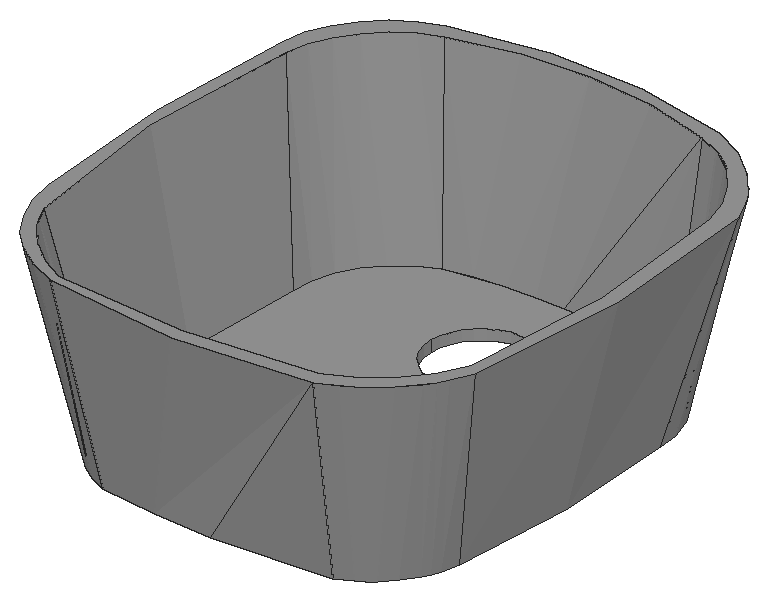
Revit family "Lavaplatos BPO", category Plumbing Fixtures, Revit 2015
Parameters (values of type "Lavaplatos BPO")
  Width = 469 mm
  URL = "www.mk.cl"
  Type Comments = "Fregadero de 1 cubeta de acero inoxidable\r\ncon válvula 3½”"
  Supplier = "Mk"  # constant formula
  Model = "Lavaplatos BPO"
  Manufacturer = "Roca"  # constant formula
  Keynote = "22 41 16.16"
  ID_Source = "BIMTOOL"
  ID_Objeto = "BT_F_F_1815"
  Height = 180 mm
  Description = "Lavaplatos Acero Inoxidable"
  Depth = 407 mm
  Default Elevation = 1219.2 mm
  Copyright © = "Bimtool 2018 ®Todos los derechos reservados."  # constant formula
  BT_Uso = "Lavaplatos"
  BT_SKU = "00 00 00"
  BT_Material = Acero
  BT_Itemizado_Estandar_CDT = "E 04 02 00"
  BT_Color = "Gris"
  Assembly Code = "D2010.60"
Reference planes
  plane 1 "Center (Front/Back)": y = 0
  plane 2: z = 0
  plane 3 "Center (Left/Right)": x = 0
  plane 4: x = -203.5
  plane 5: x = 203.5
  plane 6: y = 234.5
  plane 7: y = -234.5
  plane 8: z = 180
Forms (mm)
  Blend 1, solid, material "Acero"
    base sketch origin (0, 0, 0) x (1, 0, 0) y (0, 1, 0)
      loop
        arc (-164.966, 108.641) -> (-169.617, -1.247) -> (-160.676, -110.87) r 889.846
        arc (-160.676, -110.87) -> (-141.67, -154.365) -> (-103.076, -181.997) r 89.385
        arc (-103.076, -181.997) -> (-51.708, -188.038) -> (0, -189.205) r 547.535
        arc (0, -189.205) -> (51.708, -188.038) -> (103.076, -181.997) r 547.535
        arc (103.076, -181.997) -> (141.67, -154.365) -> (160.676, -110.87) r 89.385
        arc (160.676, -110.87) -> (169.617, -1.247) -> (164.966, 108.641) r 889.846
        arc (164.966, 108.641) -> (147.983, 162.992) -> (103.076, 198.003) r 95.459
        arc (103.076, 198.003) -> (51.818, 205.712) -> (0, 207.021) r 418.209
        arc (0, 207.021) -> (-51.818, 205.712) -> (-103.076, 198.003) r 418.209
        arc (-103.076, 198.003) -> (-147.983, 162.992) -> (-164.966, 108.641) r 95.459
    top sketch origin (0, 0, 0) x (1, 0, 0) y (0, 1, 0)
      loop
        arc (-128.5, 234.5) -> (-179.635, 201.464) -> (-203.5, 145.459) r 103.947
        arc (-203.5, 145.459) -> (-210.439, 14.206) -> (-203.5, -117.046) r 1244.863
        arc (-203.5, -117.046) -> (-176.368, -182.465) -> (-118.02, -222.605) r 124.872
        arc (-118.02, -222.605) -> (0, -234.763) -> (118.02, -222.605) r 578.923
        arc (118.02, -222.605) -> (167.059, -190.327) -> (199.337, -141.288) r 145.403
        arc (199.337, -141.288) -> (212.847, 3.085) -> (203.5, 147.786) r 919.818
        arc (203.5, 147.786) -> (169.217, 200.217) -> (116.786, 234.5) r 152.902
        arc (116.786, 234.5) -> (-5.857, 251.559) -> (-128.5, 234.5) r 449.403
    from 0 to 180
  Blend 2, void
    base sketch origin (0, 0, 0) x (1, 0, 0) y (0, 1, 0)
      loop
        arc (0, 207.021) -> (-51.818, 205.712) -> (-103.076, 198.003) r 418.209
        arc (-103.076, 198.003) -> (-147.983, 162.992) -> (-164.966, 108.641) r 95.459
        arc (-164.966, 108.641) -> (-169.617, -1.247) -> (-160.676, -110.87) r 889.846
        arc (-160.676, -110.87) -> (-141.67, -154.365) -> (-103.076, -181.997) r 89.385
        arc (-103.076, -181.997) -> (-51.708, -188.038) -> (0, -189.205) r 547.535
        arc (0, -189.205) -> (51.708, -188.038) -> (103.076, -181.997) r 547.535
        arc (103.076, -181.997) -> (141.67, -154.365) -> (160.676, -110.87) r 89.385
        arc (160.676, -110.87) -> (169.617, -1.247) -> (164.966, 108.641) r 889.846
        arc (164.966, 108.641) -> (147.983, 162.992) -> (103.076, 198.003) r 95.459
        arc (103.076, 198.003) -> (51.818, 205.712) -> (0, 207.021) r 418.209
    top sketch origin (0, 0, 0) x (1, 0, 0) y (0, 1, 0)
      loop
        arc (-192.17, 134.633) -> (-201.193, -5.632) -> (-185.259, -145.281) r 791.354
        arc (-185.259, -145.281) -> (-157.076, -187.05) -> (-115.307, -215.233) r 132.146
        arc (-115.307, -215.233) -> (-0.817, -221.389) -> (113.231, -209.591) r 731.999
        arc (113.231, -209.591) -> (159.275, -179.492) -> (189.373, -133.448) r 134.186
        arc (189.373, -133.448) -> (200.142, -0.007) -> (189.373, 133.435) r 832.119
        arc (189.373, 133.435) -> (162.335, 187.74) -> (111.863, 221.393) r 117.817
        arc (111.863, 221.393) -> (-3.754, 240.508) -> (-119.37, 221.393) r 359.21
        arc (-119.37, 221.393) -> (-167.892, 188.185) -> (-192.17, 134.633) r 109.239
    from 9.74 to 180
  Extrusion 3, void
    sketch origin (0, 0, 0) x (1, 0, 0) y (0, 1, 0)
      loop
        circle (0, 113.379) r 45
    from -27.828 to 76.998
Cuts and joins
  Blend 2, Extrusion 3 cuts Blend 1
Dimensions and locks
  "Width": plane 6 to plane 7
  "Depth": plane 4 to plane 5
  "Height": plane 8 to level
  aligned and locked: level to plane 2
Automatic sketch dimensions
  Blend 1 sketch curve to plane 3 "Center (Left/Right)" = 0 mm  (x3)
  Blend 1 sketch curve to plane 3 "Center (Left/Right)" = 13.514 mm
  Blend 1 sketch curve to plane 3 "Center (Left/Right)" = 15.369 mm
  Blend 1 sketch curve to plane 3 "Center (Left/Right)" = 69.506 mm
  Blend 1 sketch curve to plane 3 "Center (Left/Right)" = 72.206 mm
  Blend 1 sketch curve to plane 1 "Center (Front/Back)" = 16.141 mm  (x2)
  plane 4 to Blend 1 sketch curve = 516.559 mm
  plane 3 "Center (Left/Right)" to Blend 1 sketch curve = 13.514 mm
  plane 3 "Center (Left/Right)" to Blend 1 sketch curve = 15.369 mm
  plane 3 "Center (Left/Right)" to Blend 1 sketch curve = 69.506 mm
  plane 3 "Center (Left/Right)" to Blend 1 sketch curve = 72.206 mm
  plane 5 to Blend 1 sketch curve = 516.559 mm
  plane 1 "Center (Front/Back)" to Blend 1 sketch curve = 98.112 mm  (x2)
  Blend 1 sketch curve to plane 7 = 23.594 mm  (x2)
  Blend 1 sketch curve to plane 1 "Center (Front/Back)" = 108.641 mm  (x2)
  plane 6 to Blend 1 sketch curve = 123.664 mm
  Blend 1 sketch curve to Blend 1 sketch curve = 0 mm  (x2)
  Blend 1 sketch curve to plane 6 = 36.497 mm  (x2)
  Blend 1 sketch curve to Blend 1 sketch curve = 33.569 mm
  Blend 1 sketch curve to Blend 1 sketch curve = 30.87 mm
  Blend 1 sketch curve to plane 7 = 52.503 mm
  Blend 1 sketch curve to plane 4 = 0 mm  (x4)
  Blend 1 sketch curve to plane 6 = 0 mm  (x3)
  Blend 1 sketch curve to plane 5 = 0 mm
  Blend 1 sketch curve to plane 1 "Center (Front/Back)" = 16.329 mm
  plane 4 to Blend 1 sketch curve = 503.376 mm
  Blend 1 sketch curve to plane 6 = 100.001 mm
  Blend 1 sketch curve to plane 3 "Center (Left/Right)" = 100.133 mm
  Blend 1 sketch curve to plane 3 "Center (Left/Right)" = 79.324 mm
  Blend 1 sketch curve to plane 3 "Center (Left/Right)" = 5.857 mm
  plane 3 "Center (Left/Right)" to Blend 1 sketch curve = 61.1 mm
  plane 3 "Center (Left/Right)" to Blend 1 sketch curve = 64.244 mm
  Blend 1 sketch curve to plane 1 "Center (Front/Back)" = 14.206 mm
  plane 1 "Center (Front/Back)" to Blend 1 sketch curve = 87.512 mm
  Blend 1 sketch curve to plane 1 "Center (Front/Back)" = 92.1 mm
  plane 6 to Blend 1 sketch curve = 109.66 mm
  Blend 1 sketch curve to plane 7 = 11.895 mm  (x2)
  Blend 1 sketch curve to plane 5 = 4.163 mm
  Blend 2 sketch curve to plane 3 "Center (Left/Right)" = 0 mm  (x2)
  Blend 2 sketch curve to plane 3 "Center (Left/Right)" = 15.369 mm
  plane 3 "Center (Left/Right)" to Blend 2 sketch curve = 15.369 mm
  Blend 2 sketch curve to plane 7 = 23.594 mm  (x2)
  Blend 2 sketch curve to plane 6 = 36.497 mm  (x2)
  Blend 2 sketch curve to plane 4 = 100.424 mm
  Blend 2 sketch curve to plane 3 "Center (Left/Right)" = 69.506 mm
  Blend 2 sketch curve to Blend 2 sketch curve = 89.362 mm
  Blend 2 sketch curve to plane 1 "Center (Front/Back)" = 16.141 mm  (x2)
  plane 5 to Blend 2 sketch curve = 516.559 mm
  Blend 2 sketch curve to plane 4 = 42.824 mm
  Blend 2 sketch curve to plane 3 "Center (Left/Right)" = 72.206 mm
  Blend 2 sketch curve to Blend 2 sketch curve = 0 mm  (x6)
  Blend 2 sketch curve to plane 7 = 52.503 mm  (x2)
  Blend 2 sketch curve to plane 3 "Center (Left/Right)" = 13.514 mm
  plane 6 to Blend 2 sketch curve = 123.664 mm
  plane 3 "Center (Left/Right)" to Blend 2 sketch curve = 13.514 mm
  plane 3 "Center (Left/Right)" to Blend 2 sketch curve = 72.206 mm
  Blend 2 sketch curve to Blend 2 sketch curve = 83.885 mm
  Blend 2 sketch curve to plane 5 = 42.824 mm
  Blend 2 sketch curve to plane 5 = 38.534 mm
  plane 1 "Center (Front/Back)" to Blend 2 sketch curve = 0.007 mm
  plane 4 to Blend 2 sketch curve = 428.476 mm
  Blend 2 sketch curve to plane 3 "Center (Left/Right)" = 84.21 mm
  Blend 2 sketch curve to plane 3 "Center (Left/Right)" = 63.635 mm
  Blend 2 sketch curve to plane 3 "Center (Left/Right)" = 18.884 mm
  Blend 2 sketch curve to plane 3 "Center (Left/Right)" = 3.754 mm
  plane 3 "Center (Left/Right)" to Blend 2 sketch curve = 64.391 mm
  plane 3 "Center (Left/Right)" to Blend 2 sketch curve = 73.942 mm
  Blend 2 sketch curve to plane 1 "Center (Front/Back)" = 13.9 mm
  plane 1 "Center (Front/Back)" to Blend 2 sketch curve = 84.609 mm
  plane 1 "Center (Front/Back)" to Blend 2 sketch curve = 93.609 mm
  Blend 2 sketch curve to Blend 2 sketch curve = 25.092 mm
  Blend 2 sketch curve to plane 1 "Center (Front/Back)" = 109.846 mm
  Blend 2 sketch curve to plane 1 "Center (Front/Back)" = 117.967 mm
  Blend 2 sketch curve to plane 4 = 11.33 mm
  Blend 2 sketch curve to plane 4 = 18.241 mm
  Blend 2 sketch curve to plane 7 = 19.267 mm
  Blend 2 sketch curve to plane 6 = 13.107 mm
  Blend 2 sketch curve to plane 7 = 24.909 mm
  Blend 2 sketch curve to plane 5 = 14.127 mm  (x2)
  Extrusion 3 sketch curve to plane 3 "Center (Left/Right)" = 0 mm
  Extrusion 3 sketch curve to plane 1 "Center (Front/Back)" = 113.379 mm
  radius of Extrusion 3 sketch curve = 45 mm
Connectors
  piping at (0, 113.379, 0), diameter 90
    settings: on cut or joined group of Blend 1, Blend 2, Extrusion 3, index 1, connector inside diameter 609.6 mm, connector length 0 mm, flow factor 0, pipe flow 0.0 L/s, pressure drop 0.0 Pa, fitting loss kfactor 0, connector angle 0.00°, fixture units 0, engagement length 0 mm, angle of deflection 0.00°, flow configuration 0, flow direction 0, fitting loss method 0, system type 7, joint type 0, gender type 0, connector reference index -1, connector utility 0, adjustable connector no, is connector primary yes, connector description ""
